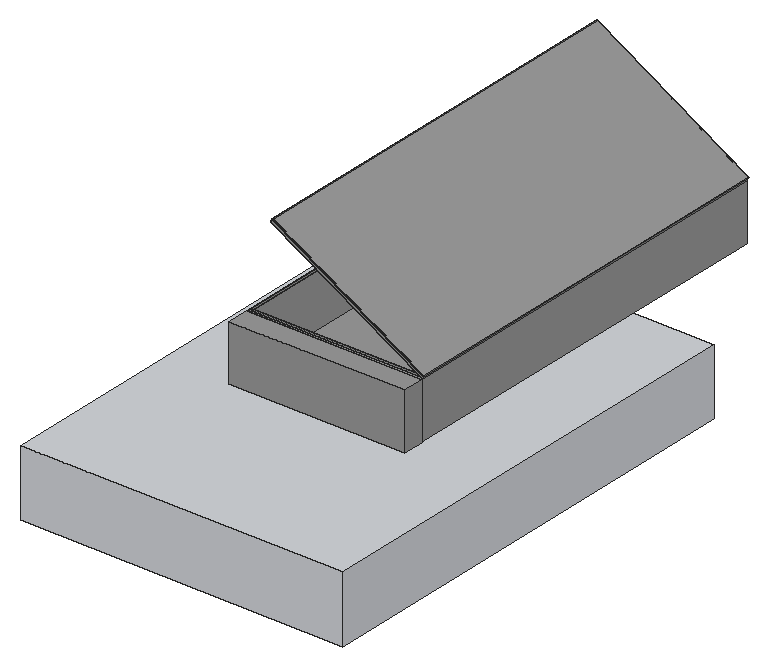
Revit family "Hager-Univers-IP55-D275-H1950-Cl.II-Steel_encl-SE-en", category Equipement électrique, Revit 2020
Family settings
  Hôte = Face
  Configuration du panneau = Deux colonnes, circuits au sein
  Cote de connecteur circulaire = Utiliser le diamètre
  Type d'élément = Tableau de raccordement
  Couper avec des vides une fois chargée = Non
  Partagée = Non
  Point de calcul de pièce = Non
Parameters (values of type "Floor installation IP55 W800 H1950 D275  - FR23S1")
  Width Control [instance] = if([EF000008 - Width] > Min Width, [EF000008 - Width], Min Width)  # 800 mm
  Commentaires du type = [HG000003 - Range]  # "Univers"
  Thickness Door [instance] = if([EF009171 - Material plate thickness door/cover] > 3 mm, 3 mm, [EF009171 - Material plate thickness door/cover])  # 1.5 mm
  Seal Frame Offset [instance] = 17 mm  # constant formula
  Plinth Visibility [instance] = [HG000027 - Plinth height] > 0 mm  # yes
  Model = ""
  Min Width [instance] = 100 mm  # constant formula
  Min Height [instance] = 100 mm  # constant formula
  Min Depth [instance] = (2 * [EF009170 - Material plate thickness cabinet]) + 1 mm  # 4 mm
  Internal Frame Depth [instance] = (Door System Depth * 0.5)  # 9 mm
  Height Control [instance] = if([EF000040 - Height] > Min Height, [EF000040 - Height], Min Height)  # 1950 mm
  HG000027 - Plinth height = 100 mm
  HG000026 - Floor standing = yes
  HG000024 - Bottom section height = 800 mm
  HG000023 - Double section enclosure = no
  HG000016 - Door 3d visibility [instance] = yes
  HG000015 - Clearance visibility [instance] = no
  HG000014 - Door on the right [instance] = yes
  HG000013 - Door on the left [instance] = not([HG000014 - Door on the right])  # no
  HG000012 - Door swing angle [instance] = 30.00°
  HG000010 - Asymmetric doors = no
  HG000009 - Double swing door = no
  HG000006 - Flush mounted = no
  HG000004 - Manufacturer reference = "FR23S1"
  HG000003 - Range = "Univers"
  HG000002 - With door or cover = yes
  Frame Offset Bottom [instance] = 10 mm  # constant formula
  Frame Offset [instance] = 15 mm  # constant formula
  EF015940 - Cover with overpressure release = no
  EF011959 - Degree of protection (NEMA) = ""
  EF009554 - Number of openings for flange plates = 6
  EF009212 - Cover model = "EV000116 - Closed"
  EF009171 - Material plate thickness door/cover = 1.5 mm
  EF009170 - Material plate thickness cabinet = 1.5 mm
  Fabricant = "Hager"  # constant formula
  EF008873 - Nominal current (In) = 800 A
  EF007800 - Suitable for lightning protection = no
  EF006306 - With lock = no
  EF006244 - Transparent cover/door = no
  EF005474 - Degree of protection (IP) = "EV006420 - IP55"
  EF004464 - Type of door = "EV002646 - Single"
  EF004427 - Number of modules = 432
  EF004293 - Impact strength = "EV008784 - IK10"
  EF003532 - Suitable for outdoor use = no
  EF002950 - Width in number of modular spacings = 24
  EF001613 - Circuit integrity = "EV000494 - None"
  EF001596 - Material housing = "EV000179 - Steel"
  EF001131 - Internal depth = 275 mm
  EF001088 - Extension possible = yes
  EF000437 - Number of conduit inlets = 6
  EF000339 - Type of cover = "EV004216 - Door"
  EF000266 - Number of rows = 12
  EF000218 - Built-in depth = 0 mm
  EF000118 - With mounting plate = no
  EF000116 - RAL-number = "7035"
  EF000049 - Depth = 275 mm
  EF000040 - Height = 1950 mm
  EF000008 - Width = 800 mm
  EF000007 - Colour = "EV000270 - Grey"
  EF000003 - Mounting method = "EV012274 - Floor installation"
  Door System Leaf Tolerance [instance] = 1.5 mm  # constant formula
  Door System Depth [instance] = 18 mm  # constant formula
  Door Height [instance] = Height Control - [HG000027 - Plinth height]  # 1850 mm
  Depth Control [instance] = if([EF000049 - Depth] > Min Depth, [EF000049 - Depth], Min Depth)  # 275 mm
  Default Elevation = 0 mm
  Connector Offset [instance] = Height Control / 2  # 975 mm
  Bottom Top Plate Trim [instance] = 1.5 mm  # constant formula
  Plinth height Ctrl [instance] = if([HG000027 - Plinth height] > 0 mm, [HG000027 - Plinth height], 12 mm)  # 100 mm
Types (11, lengths in mm): name | Width Control | HG000010 - Asymmetric doors | HG000009 - Double swing door | HG000004 - Manufacturer reference | EF009554 - Number of openings for flange plates | EF006244 - Transparent cover/door | EF004464 - Type of door | EF004427 - Number of modules | EF000437 - Number of conduit inlets | EF000008 - Width
  Floor installation IP55 W1050 H1950 D275  - FR24L1 | 1050 | yes | yes | "FR24L1" | 8 | yes | "EV003602 - Double" | 576 | 8 | 1050
  Floor installation IP55 W1050 H1950 D275  - FR24S1 | 1050 | yes | yes | "FR24S1" | 8 | no | "EV003602 - Double" | 576 | 8 | 1050
  Floor installation IP55 W1300 H1950 D275  - FR25L1 | 1300 | yes | yes | "FR25L1" | 10 | yes | "EV003602 - Double" | 720 | 10 | 1300
  Floor installation IP55 W1300 H1950 D275  - FR25S1 | 1300 | yes | yes | "FR25S1" | 10 | no | "EV003602 - Double" | 720 | 10 | 1300
  Floor installation IP55 W1550 H1950 D275  - FR26L1 | 1550 | yes | yes | "FR26L1" | 12 | yes | "EV003602 - Double" | 864 | 12 | 1550
  Floor installation IP55 W1550 H1950 D275  - FR26S1 | 1550 | yes | yes | "FR26S1" | 12 | no | "EV003602 - Double" | 864 | 12 | 1550
  Floor installation IP55 W300 H1950 D275  - FR21S1 | 300 | no | no | "FR21S1" | 2 | no | "EV002646 - Single" | 144 | 2 | 300
  Floor installation IP55 W550 H1950 D275  - FR22L1 | 550 | no | no | "FR22L1" | 4 | yes | "EV002646 - Single" | 288 | 4 | 550
  Floor installation IP55 W550 H1950 D275  - FR22S1 | 550 | no | no | "FR22S1" | 4 | no | "EV002646 - Single" | 288 | 4 | 550
  Floor installation IP55 W800 H1950 D275  - FR23L1 | 800 | no | no | "FR23L1" | 6 | yes | "EV002646 - Single" | 432 | 6 | 800
  Floor installation IP55 W800 H1950 D275  - FR23S1 | 800 | no | no | "FR23S1" | 6 | no | "EV002646 - Single" | 432 | 6 | 800
Reference planes
  plane 1 "Center (Front/Back)": y = 0
  plane 2: z = 0
  plane 3 "Center (Left/Right)": x = 0
  plane 4: z = 275
  plane 5: y = 101.5
  plane 6: y = 1025
  plane 7: y = 100
  plane 8: y = 1950
  plane 9: z = 0
  plane 10: x = -385
  plane 11: x = 385
  plane 12: x = 383.5
  plane 13: x = -383.5
  plane 14: y = 1948.5
  plane 15: x = -383
  plane 16: x = -400
  plane 17: x = 383
  plane 18: x = 400
  plane 19: x = 398.5
  plane 20: x = -398.5
  plane 21: y = 111.5
  plane 22: y = 1950
  plane 23: y = 1933.5
  plane 24: z = 257
  plane 25: z = 1.5
  plane 26: z = 255.5
  plane 27: z = 273.5
Forms (mm)
  Extrusion 1, solid
    sketch origin (0, 0, 0) x (1, 0, 0) y (0, 1, 0)
      loop
        line (-702.964, 1305) -> (-702.964, -811.445) -> (766.763, -811.445) -> (766.763, 1305) -> (-702.964, 1305)
    from 0 to -304.8
  Extrusion 2, solid, material "Hager_Steel_RAL7035_Light_Grey", visible <- "Plinth Visibility", detail levels medium+fine
    sketch origin (0, 0, 0) x (1, 0, 0) y (0, 1, 0)
      loop
        line (-400, 0) -> (400, 0) -> (400, 100) -> (-400, 100) -> (-400, 0)
    from 0 to 257
  Extrusion 3, solid, material "Hager_Steel_RAL7035_Light_Grey", detail levels medium+fine
    sketch origin (0, 0, 0) x (1, 0, 0) y (0, 1, 0)
      loop
        line (-400, 100) -> (400, 100) -> (400, 1950) -> (-400, 1950) -> (-400, 100)
    from 0 to 257
  Extrusion 4, void
    sketch origin (0, 0, 0) x (1, 0, 0) y (0, 1, 0)
      loop
        line (-398.5, 101.5) -> (398.5, 101.5) -> (398.5, 1948.5) -> (-398.5, 1948.5) -> (-398.5, 101.5)
    from 1.5 to 255.5
  Extrusion 5, void
    sketch origin (-381.607, -4572, 257) x (0, -1, 0) y (-1, 0, 0)
      loop
        line (-4683.5, 1.893) -> (-6505.5, 1.893) -> (-6505.5, -765.107) -> (-4683.5, -765.107) -> (-4683.5, 1.893)
    from 0 to 1.5 <- "EF009170 - Material plate thickness cabinet"
  Extrusion 6, solid, material "Hager_Steel_RAL7035_Light_Grey", detail levels fine
    sketch origin (0, 0, 257) x (1, 0, 0) y (0, 1, 0)
      loop
        line (-383.5, 1933.5) -> (-383.5, 111.5) -> (383.5, 111.5) -> (383.5, 1933.5) -> (-383.5, 1933.5)
      loop
        line (-385, 110) -> (385, 110) -> (385, 1935) -> (-385, 1935) -> (-385, 110)
    from 0 to 9 <- "Internal Frame Depth"
  Extrusion 7, solid, material "Hager_Steel_RAL7035_Light_Grey", detail levels coarse
    sketch origin (0, 0, 0) x (1, 0, 0) y (0, 1, 0)
      loop
        line (-400, 0) -> (400, 0) -> (400, 1950) -> (-400, 1950) -> (-400, 0)
    from 0 to 275
  Sweep 8, void
    path in 3D
      loop
        line (-400, 100, 0) -> (400, 100, 0) -> (400, 100, 257) -> (-400, 100, 257) -> (-400, 100, 0)
    profile origin (-400, 100, 128.5) x (-1, 0, 0) y (0, -1, 0)
      loop
        line (0, 0) -> (0, 1.5) -> (-1.5, 1.5)
        arc (-1.5, 1.5) -> (-1.061, 0.439) -> (0, 0) r 1.5
Cuts and joins
  Extrusion 4, Extrusion 5 cuts Extrusion 3
  Sweep 8 cuts Extrusion 2
Lines and regions (mm)
  Masking region 1
    outline origin (0, 0, 0) x (1, 0, 0) y (0, 0, 1)
      loop
        line (-400, 275) -> (-400, 0) -> (400, 0) -> (400, 275) -> (-400, 275)
  Masking region 2, detail levels medium+fine
    outline origin (0, 140, 0) x (0, 1, 0) y (0, 0, 1)
      loop
        line (-40, 0) -> (1810, 0) -> (1810, 257) -> (-40, 257) -> (-40, 0)
  Masking region 3, not visible, detail levels medium+fine
    outline origin (0, 297.922, 0) x (0, 1, 0) y (0, 0, 1)
      loop
        line (738.578, 0) -> (778.578, 0) -> (778.578, 263.5)
        arc (778.578, 263.5) -> (775.649, 270.571) -> (768.578, 273.5) r 10
        line (768.578, 273.5) -> (738.578, 273.5) -> (738.578, 0)
  Masking region 4, detail levels coarse
    outline origin (0, 0, 180) x (0, 1, 0) y (0, 0, 1)
      loop
        line (0, -180) -> (1950, -180) -> (1950, 95) -> (0, 95) -> (0, -180)
  Masking region 5, visible <- "Plinth Visibility", detail levels medium+fine
    outline origin (0, 52.24, 12.345) x (0, 0, -1) y (0, 1, 0)
      loop
        line (10.845, 47.76) -> (-243.155, 47.76)
        arc (-243.155, 47.76) -> (-243.594, 46.699) -> (-244.655, 46.26) r 1.5
        line (-244.655, 46.26) -> (-244.655, -52.24) -> (12.345, -52.24) -> (12.345, 46.26)
        arc (12.345, 46.26) -> (11.285, 46.699) -> (10.845, 47.76) r 1.5
  Masking region 6, detail levels medium+fine
    outline origin (-381.607, -4572, 257) x (-1, 0, 0) y (0, -1, 0)
      loop
        line (18.393, -6522) -> (18.393, -4672) -> (-781.607, -4672) -> (-781.607, -6522) -> (18.393, -6522)
  Masking region 7, visible <- "Plinth Visibility", detail levels medium+fine
    outline origin (-381.607, -4727, 257) x (-1, 0, 0) y (0, -1, 0)
      loop
        arc (16.893, -4827) -> (17.332, -4825.939) -> (18.393, -4825.5) r 1.5
        line (18.393, -4825.5) -> (18.393, -4727) -> (-781.607, -4727) -> (-781.607, -4825.5)
        arc (-781.607, -4825.5) -> (-780.546, -4825.939) -> (-780.107, -4827) r 1.5
        line (-780.107, -4827) -> (16.893, -4827)
  Masking region 8, detail levels coarse
    outline origin (-442.548, -4669.526, 257) x (-1, 0, 0) y (0, -1, 0)
      loop
        line (-42.548, -6619.526) -> (-42.548, -4669.526) -> (-842.548, -4669.526) -> (-842.548, -6619.526) -> (-42.548, -6619.526)
  sketch lines
    curve 1: line (-400, 100, 257) -> (-400, 100, 0)
    curve 2: line (400, 100, 257) -> (-400, 100, 257)
    curve 3: line (400, 100, 257) -> (400, 100, 0)
    curve 4: line (-400, 100, 0) -> (400, 100, 0)
Dimensions and locks
  "Depth Control": plane 4 to Extrusion 1
  "HG000027 - Plinth height": plane 1 "Center (Front/Back)" to plane 7
  "EF009170 - Material plate thickness cabinet": plane 5 to plane 7
  locked: connector elem to plane 3 "Center (Left/Right)"
  equal spacing: plane 8, plane 6, plane 7
  locked: connector elem to plane 6
  "EF009170 - Material plate thickness cabinet": plane 8 to plane 14
  "EF009170 - Material plate thickness cabinet": plane 10 to plane 13
  "EF009170 - Material plate thickness cabinet": plane 12 to plane 11
  "Frame Offset": plane 20 to plane 13
  "Frame Offset": plane 12 to plane 19
  "EF009170 - Material plate thickness cabinet": plane 16 to plane 20
  "EF009170 - Material plate thickness cabinet": plane 19 to plane 18
  "Seal Frame Offset": plane 16 to plane 15
  "Seal Frame Offset": plane 17 to plane 18
  "Frame Offset Bottom": plane 21 to plane 5
  "Frame Offset": plane 14 to plane 23
  equal spacing: plane 16, plane 3 "Center (Left/Right)", plane 18
  "Width Control": plane 16 to plane 18
  "EF009170 - Material plate thickness cabinet": plane 4 to plane 27
  "EF009170 - Material plate thickness cabinet": plane 24 to plane 26
  "EF009170 - Material plate thickness cabinet": plane 25 to level
  "Door System Depth": plane 4 to plane 24
  "Height Control": plane 1 "Center (Front/Back)" to Extrusion 7 sketch curve
  "Height Control": Masking region 4 sketch curve to plane 1 "Center (Front/Back)"
  "Height Control": plane 1 "Center (Front/Back)" to plane 22
  "Bottom Top Plate Trim": profile plane to Sweep 8 sketch curve
  "Bottom Top Plate Trim": Sweep 8 sketch curve to profile plane
  "Plinth height Ctrl": plane 1 "Center (Front/Back)" to Extrusion 2 sketch curve
  "Plinth height Ctrl": Masking region 5 sketch curve to plane 1 "Center (Front/Back)"
  "Plinth height Ctrl": plane 1 "Center (Front/Back)" to Masking region 7 sketch curve
  "Thickness Door": Extrusion 6 sketch curve to Extrusion 6 sketch curve  (x3)
  "Thickness Door": cut or joined group of Extrusion 3, Extrusion 4, Extrusion 5 to Extrusion 6 sketch curve
  radius of Masking region 3 sketch curve = 10 mm
  "Bottom Top Plate Trim": radius of Masking region 5 sketch curve  (x2)
  "Bottom Top Plate Trim": radius of Sweep 8 sketch curve
  "Bottom Top Plate Trim": radius of Masking region 7 sketch curve  (x2)
  aligned and locked: plane 2 to Extrusion 1
  aligned and locked: level to Extrusion 1
  aligned and locked: level to Masking region 1 sketch curve
  aligned and locked: Masking region 1 sketch curve to plane 18
  aligned and locked: Masking region 1 sketch curve to plane 16
  aligned and locked: plane 7 to Masking region 2 sketch curve
  aligned and locked: level to Masking region 3 sketch curve
  aligned and locked: Masking region 3 sketch curve to plane 27
  aligned and locked: level to Masking region 2 sketch curve
  aligned and locked: plane 1 "Center (Front/Back)" to Extrusion 2 sketch curve
  aligned and locked: Extrusion 3 sketch curve to plane 7
  aligned and locked: plane 16 to Extrusion 3 sketch curve
  aligned and locked: plane 18 to Extrusion 3 sketch curve
  aligned and locked: plane 20 to Extrusion 4 sketch curve
  aligned and locked: plane 19 to Extrusion 4 sketch curve
  aligned and locked: Extrusion 4 sketch curve to plane 5
  aligned and locked: Extrusion 4 to plane 25
  aligned and locked: plane 26 to Extrusion 4
  aligned and locked: plane 24 to Extrusion 3
  aligned and locked: Extrusion 5 sketch curve to plane 21
  aligned and locked: Extrusion 5 sketch curve to plane 13
  aligned and locked: Extrusion 5 sketch curve to plane 12
  aligned and locked: plane 18 to Extrusion 7 sketch curve
  aligned and locked: plane 1 "Center (Front/Back)" to Extrusion 7 sketch curve
  aligned and locked: plane 16 to Extrusion 7 sketch curve
  aligned and locked: plane 4 to Extrusion 7
  aligned and locked: Extrusion 7 to level
  aligned and locked: level to Masking region 4 sketch curve
  aligned and locked: Masking region 4 sketch curve to plane 1 "Center (Front/Back)"
  aligned and locked: Masking region 4 sketch curve to plane 4
  aligned and locked: nested 1 to level
  aligned and locked: nested 1 to plane 16
  aligned and locked: plane 8 to Extrusion 3 sketch curve
  aligned and locked: plane 23 to Extrusion 5 sketch curve
  aligned and locked: plane 14 to Extrusion 4 sketch curve
  aligned and locked: Masking region 2 sketch curve to plane 8
  aligned and locked: level to Masking region 5 sketch curve
  aligned and locked: plane 16 to Extrusion 2 sketch curve
  aligned and locked: plane 18 to Extrusion 2 sketch curve
  aligned and locked: Masking region 5 sketch curve to plane 24
  aligned and locked: Masking region 2 sketch curve to plane 24
  aligned and locked: plane 24 to Extrusion 2
  aligned and locked: profile plane to Sweep 8 sketch curve  (x2)
  aligned and locked: Masking region 6 sketch curve to plane 18
  aligned and locked: Masking region 6 sketch curve to plane 22
  aligned and locked: Masking region 6 sketch curve to plane 16
  aligned and locked: plane 8 to plane 22
  aligned and locked: Masking region 6 sketch curve to plane 7
  aligned and locked: Masking region 7 sketch curve to plane 16
  aligned and locked: Masking region 7 sketch curve to plane 1 "Center (Front/Back)"
  aligned and locked: Masking region 7 sketch curve to plane 18
  aligned and locked: Masking region 8 sketch curve to plane 1 "Center (Front/Back)"
  aligned and locked: Masking region 8 sketch curve to plane 18
  aligned and locked: Masking region 8 sketch curve to plane 22
  aligned and locked: Masking region 8 sketch curve to plane 16
  aligned and locked: nested 2 to plane 7
  aligned and locked: plane 3 "Center (Left/Right)" to nested 2
  aligned and locked: nested 2 to plane 24
  aligned and locked: Extrusion 6 sketch curve to cut or joined group of Extrusion 3, Extrusion 4, Extrusion 5  (x4)
Automatic sketch dimensions
  Extrusion 1 sketch curve to Extrusion 1 sketch curve = 1469.727 mm
  Extrusion 1 sketch curve to Extrusion 1 sketch curve = 2116.445 mm
  Masking region 1 sketch curve to plane 4 = 0 mm
  plane 6 to Masking region 3 sketch curve = 11.5 mm
  Masking region 3 sketch curve to Masking region 3 sketch curve = 30 mm
  Masking region 5 sketch curve to plane 1 "Center (Front/Back)" = 0 mm
Nested families
  nested 1: "Hager_Enclosure_Symbol" at (-400, 0, 0) x (1, 0, 0) z (0, -1, 0), Height <- "Depth Control", Width <- "Width Control", type "Hager_Enclosure_Symbol"
    with Width_Ctrl 800 mm, Width 800 mm, Height_Ctrl 275 mm, Height 275 mm, A_Width_Int 18.047 mm, A_Width 216.562 mm, A_Height_Ctrl 240.625 mm, A_Height 240.625 mm
  nested 2: "EC000058_Univers_Door" at (0, 100, 257) x (1, 0, 0) z (0, 1, 0), Leaf_Tolerance <- "Door System Leaf Tolerance", Angle <- "HG000012 - Door swing angle", Door_Depth <- "Door System Depth", Door_Left <- "HG000013 - Door on the left", Transparent <- "EF006244 - Transparent cover/door", Assymetrical <- "HG000010 - Asymmetric doors", Width <- "Width Control", Clearance <- "HG000015 - Clearance visibility", Double <- "HG000009 - Double swing door", 3d_Door <- "HG000016 - Door 3d visibility", Lock_Visibility <- "EF006306 - With lock", Width_Ctrl <- "Width Control", Door_Right <- "HG000014 - Door on the right", Door <- "HG000002 - With door or cover", Height <- "Door Height", Thickness <- "Thickness Door", type "EC000058_Univers_Door", detail levels medium+fine
    with min_wh 4 mm, Width_Ctrl 800 mm, Width 800 mm, Transparent no, Thickness 1.5 mm, Seal_Material Hager_Rubber, Lock_Visibility no, Lock_Material Hager_Plastic_RAL9005_Jet_Black, Leaf_Width 800 mm, Leaf_Tolerance_External_Sides 0 mm, Leaf_Tolerance 1.5 mm, Leaf_Offset 0 mm, Leaf_Height 1847 mm, Leaf_2_Width 800 mm, Leaf_2_Offset 400 mm, Leaf_1_Width 800 mm, Leaf_1_Offset 400 mm, Height_Ctrl 1850 mm, Height 1850 mm, Glass_Material Hager_Glass, Double_Clearance_Ctrl no, Double no, Door_Right_Ctrl yes, Door_Right yes, Door_Material Hager_Steel_RAL7035_Light_Grey, Door_Left_Ctrl no, Door_Left no, Door_Depth 18 mm, Door yes, Clearance_Material Hager_Clearance, Clearance_Depth 800 mm, Clearance_Ctrl no, Clearance no, Assymetrical no, Angle 30.00°, 3d_Door yes
Connectors
  electrical at (0, 1025, 0)
    settings: on plane 9, index 1, voltage 0 V, apparent load 0 VA, apparent load phase1 0 VA, apparent load phase2 0 VA, apparent load phase3 0 VA, power factor 1, load classification "Other", number of poles 1, system type 30, power factor state 1, is connector primary yes, connector utility no, sub classification motor no, connector description ""
Definition of nested family "EC000058_Univers_Door"
  Parameters (values of type "EC000058_Univers_Door")
    min_wh [instance] = (2 * Thickness) + 1 mm  # 11 mm
    Width_Ctrl [instance] = 400 mm
    Width [instance] = 500 mm
    Transparent [instance] = yes
    Thickness [instance] = 5 mm
    Seal_Material [instance] = none
    Lock_Visibility [instance] = yes
    Lock_Material [instance] = none
    Leaf_Width [instance] = if((Width_Ctrl - 2 * Leaf_Tolerance_External_Sides) > 0 mm, (Width_Ctrl - 2 * Leaf_Tolerance_External_Sides), min_wh)  # 400 mm
    Leaf_Tolerance_External_Sides [instance] = 0 mm  # constant formula
    Leaf_Tolerance [instance] = 1.5 mm
    Leaf_Offset [instance] = 0 mm  # constant formula
    Leaf_Height [instance] = if((Height_Ctrl - 2 * Leaf_Tolerance) > 0 mm, (Height_Ctrl - 2 * Leaf_Tolerance), min_wh)  # 497 mm
    Leaf_2_Width [instance] = if(and(and(Double, Assymetrical), Door_Left), (Leaf_Width / 3) - (Leaf_Tolerance / 2), if(and(and(Double, Assymetrical), Door_Right), (Leaf_Width / 3) * 2 - (Leaf_Tolerance / 2), if(and(Double, not(Assymetrical)), (Leaf_Width / 2) - Leaf_Tolerance, Leaf_Width)))  # 400 mm
    Leaf_2_Offset [instance] = if(and(Double, Assymetrical), Leaf_2_Width / 2, if(and(Double, not(Assymetrical)), Leaf_Width / 4, Leaf_Width / 2))  # 200 mm
    Leaf_1_Width [instance] = if(and(and(Double, Assymetrical), Door_Right), (Leaf_Width / 3) - (Leaf_Tolerance / 2), if(and(and(Double, Assymetrical), Door_Left), (Width / 3) * 2 - (Leaf_Tolerance / 2), if(and(Double, not(Assymetrical)), (Leaf_Width / 2) - Leaf_Tolerance, Leaf_Width)))  # 400 mm
    Leaf_1_Offset [instance] = if(and(Double, Assymetrical), Leaf_1_Width / 2, if(and(Double, not(Assymetrical)), Leaf_Width / 4, Leaf_Width / 2))  # 200 mm
    Height_Ctrl [instance] = if(Height > min_wh, Height, min_wh)  # 500 mm
    Height [instance] = 500 mm
    Glass_Material [instance] = none
    Double_Clearance_Ctrl [instance] = and(Double, Clearance)  # no
    Double [instance] = no
    Door_Right_Ctrl [instance] = and(or(Door_Right, Double), Door)  # yes
    Door_Right [instance] = yes
    Door_Material [instance] = none
    Door_Left_Ctrl [instance] = and(or(Door_Left, Double), Door)  # no
    Door_Left [instance] = no
    Door_Depth [instance] = 30 mm
    Door [instance] = yes
    Default Elevation = 1219.2 mm
    Clearance_Material [instance] = none
    Clearance_Depth [instance] = if(Leaf_1_Width > Leaf_2_Width, Leaf_1_Width, Leaf_2_Width)  # 400 mm
    Clearance_Ctrl [instance] = and(not(Double), Clearance)  # yes
    Clearance [instance] = yes
    Assymetrical [instance] = yes
    Angle [instance] = 30.00°
    3d_Door [instance] = yes
  Reference planes
    plane 1 "Center (Front/Back)": y = 0
    plane 2 "Bottom": z = 0
    plane 3 "Center (Left/Right)": x = 0
    plane 4: z = 500
    plane 5: x = -200
    plane 6: x = 200
    plane 7: z = 500
    plane 8: x = -200
    plane 9: z = 0
    plane 10: x = 200
    plane 11: y = 0
    plane 12: z = 1.5
    plane 13: x = -600
    plane 14: y = -400
    plane 15: x = 600
    plane 16: x = 0
    plane 17: x = 0
    plane 18: x = -200
    plane 19: x = 200
    plane 20: z = 498.5
  Forms (mm)
    Extrusion 1, solid, material <- "Clearance_Material", visible <- "Double_Clearance_Ctrl"
      sketch origin (1200, 0, 0) x (1, 0, 0) y (0, 0, -1)
        loop
          line (-1800, -498.5) -> (-600, -498.5) -> (-600, 0) -> (-1800, 0) -> (-1800, -498.5)
      from 0 to -400
  Dimensions and locks
    equal spacing: plane 5, plane 3 "Center (Left/Right)", plane 6
    "Width_Ctrl": plane 5 to plane 6
    "Leaf_Offset": plane 5 to plane 8
    "Leaf_Offset": plane 6 to plane 10
    "Leaf_Offset": plane 9 to level
    "Leaf_Offset": plane 4 to plane 7
    "Height_Ctrl": plane 4 to level
    "Leaf_Tolerance": plane 12 to plane 9
    locked: plane 11 to plane 1 "Center (Front/Back)"
    "Leaf_1_Offset": plane 18 to plane 16
    "Leaf_2_Offset": plane 17 to plane 19
    "Leaf_1_Width": plane 13 to plane 8
    "Leaf_2_Width": plane 10 to plane 15
    "Clearance_Depth": plane 14 to plane 1 "Center (Front/Back)"
    "Leaf_Tolerance_External_Sides": plane 8 to plane 18
    "Leaf_Tolerance_External_Sides": plane 19 to plane 10
    "Leaf_Tolerance": plane 7 to plane 20
    aligned and locked: level to plane 2 "Bottom"
    aligned and locked: nested 1 to plane 16
    aligned and locked: nested 2 to plane 17
    aligned and locked: Extrusion 1 to plane 13
    aligned and locked: plane 15 to Extrusion 1
    aligned and locked: Extrusion 1 to plane 14
    aligned and locked: plane 12 to nested 1
    aligned and locked: nested 2 to plane 12
    aligned and locked: Extrusion 1 to plane 11
    aligned and locked: plane 20 to Extrusion 1
    aligned and locked: nested 2 to plane 11
    aligned and locked: nested 1 to plane 11
  Automatic sketch dimensions
    Extrusion 1 sketch curve to level = 0 mm
    plane 5 to Extrusion 1 sketch curve = 400 mm
    plane 6 to Extrusion 1 sketch curve = 400 mm
    Extrusion 1 sketch curve to plane 4 = 1.5 mm
  Nested families
    nested 1: "EC000058_Univers_Door_Leaf" at (0, 0, 1.5), Width <- "Leaf_1_Width", visible <- "Door_Left_Ctrl", Leaf_Height <- "Leaf_Height", Angle <- "Angle", 3d_Door <- "3d_Door", Transparent <- "Transparent", Clearance Material <- "Clearance_Material", Clearance <- "Clearance_Ctrl", Door_Material <- "Door_Material", Glass_Material <- "Glass_Material", Door_Depth <- "Door_Depth", Lock_Material <- "Lock_Material", Seal_Material <- "Seal_Material", Lock_Visibility <- "Lock_Visibility", Thickness <- "Thickness", type "EC000058_Univers_Door_Leaf"
      with Width 400 mm, Transparent_Glass_Offset 30 mm, Transparent_Ctrl yes, Transparent yes, Thickness 5 mm, Standard no, Seal_Material none, Seal_D2 8 mm, Seal_D1 1 mm, Offset_Internal_Frame 10 mm, Lock_Width 20 mm, Lock_Visibility_3d yes, Lock_Visibility yes, Lock_Thickness_3 3 mm, Lock_Thickness_2 1 mm, Lock_Thickness_1 3 mm, Lock_Radius_Offset_2 16 mm, Lock_Radius_Offset_1 15 mm, Lock_Radius_2 5 mm, Lock_Radius 6 mm, Lock_Offset 5 mm, Lock_Material none, Lock_Height 80 mm, Lock_Cover_Top_Offset_2d 17 mm, Lock_Cover_Height -65 mm, Leaf_Height 497 mm, Internal_Seal_Thickness 8 mm, Internal_Seal_Depth_2 4.5 mm, Internal_Frame_Depth 25 mm, Glass_Thickness -1 mm, Glass_Offset -2 mm, Glass_Material none, Door_Material none, Door_Depth 30 mm, Clearance Material none, Clearance yes, Angle_Ctrl 30.00°, Angle 30.00°, 3d_Door yes
    nested 2: "EC000058_Univers_Door_Leaf" at (0, 0, 1.5) x (-1, 0, 0) z (0, 0, 1), Width <- "Leaf_2_Width", visible <- "Door_Right_Ctrl", Leaf_Height <- "Leaf_Height", Angle <- "Angle", 3d_Door <- "3d_Door", Transparent <- "Transparent", Clearance Material <- "Clearance_Material", Clearance <- "Clearance_Ctrl", Door_Material <- "Door_Material", Glass_Material <- "Glass_Material", Door_Depth <- "Door_Depth", Lock_Material <- "Lock_Material", Seal_Material <- "Seal_Material", Lock_Visibility <- "Lock_Visibility", Thickness <- "Thickness", type "EC000058_Univers_Door_Leaf"
      with Width 400 mm, Transparent_Glass_Offset 30 mm, Transparent_Ctrl yes, Transparent yes, Thickness 5 mm, Standard no, Seal_Material none, Seal_D2 8 mm, Seal_D1 1 mm, Offset_Internal_Frame 10 mm, Lock_Width 20 mm, Lock_Visibility_3d yes, Lock_Visibility yes, Lock_Thickness_3 3 mm, Lock_Thickness_2 1 mm, Lock_Thickness_1 3 mm, Lock_Radius_Offset_2 16 mm, Lock_Radius_Offset_1 15 mm, Lock_Radius_2 5 mm, Lock_Radius 6 mm, Lock_Offset 5 mm, Lock_Material none, Lock_Height 80 mm, Lock_Cover_Top_Offset_2d 17 mm, Lock_Cover_Height -65 mm, Leaf_Height 497 mm, Internal_Seal_Thickness 8 mm, Internal_Seal_Depth_2 4.5 mm, Internal_Frame_Depth 25 mm, Glass_Thickness -1 mm, Glass_Offset -2 mm, Glass_Material none, Door_Material none, Door_Depth 30 mm, Clearance Material none, Clearance yes, Angle_Ctrl 30.00°, Angle 30.00°, 3d_Door yes
  Definition of nested family "EC000058_Univers_Door_Leaf"
    Parameters (values of type "EC000058_Univers_Door_Leaf")
      Width [instance] = 2000 mm
      Transparent_Glass_Offset [instance] = 30 mm
      Transparent_Ctrl [instance] = and(Transparent, [3d_Door])  # yes
      Transparent [instance] = yes
      Thickness [instance] = 5 mm
      Standard [instance] = and(not(Transparent), [3d_Door])  # no
      Seal_Material [instance] = none
      Seal_D2 [instance] = 8 mm  # constant formula
      Seal_D1 [instance] = 1 mm  # constant formula
      Offset_Internal_Frame [instance] = 10 mm  # constant formula
      Lock_Width [instance] = 20 mm  # constant formula
      Lock_Visibility_3d [instance] = and(Lock_Visibility, [3d_Door])  # yes
      Lock_Visibility [instance] = yes
      Lock_Thickness_3 [instance] = 3 mm  # constant formula
      Lock_Thickness_2 [instance] = 1 mm  # constant formula
      Lock_Thickness_1 [instance] = 3 mm  # constant formula
      Lock_Radius_Offset_2 [instance] = Lock_Radius_Offset_1 + 1 mm  # 16 mm
      Lock_Radius_Offset_1 [instance] = 15 mm  # constant formula
      Lock_Radius_2 [instance] = Lock_Radius - 1 mm  # 5 mm
      Lock_Radius [instance] = 6 mm  # constant formula
      Lock_Offset [instance] = 5 mm  # constant formula
      Lock_Material [instance] = none
      Lock_Height [instance] = 80 mm  # constant formula
      Lock_Cover_Top_Offset_2d [instance] = Lock_Radius_Offset_2 + 1 mm  # 17 mm
      Lock_Cover_Height [instance] = -(Lock_Height - Lock_Radius_Offset_1)  # -65 mm
      Leaf_Height [instance] = 2720.336 mm
      Internal_Seal_Thickness [instance] = 8 mm  # constant formula
      Internal_Seal_Depth_2 [instance] = 4.5 mm  # constant formula
      Internal_Frame_Depth [instance] = if(Door_Depth - Thickness > 5 mm, Door_Depth - Thickness, 5 mm)  # 25 mm
      Glass_Thickness [instance] = if(Thickness > 15 mm, Glass_Offset + 10 mm, -1 mm)  # -1 mm
      Glass_Offset [instance] = if(Thickness > 15 mm, -(Thickness + 10 mm) / 2, -2 mm)  # -2 mm
      Glass_Material [instance] = none
      Door_Material [instance] = none
      Door_Depth [instance] = 30 mm
      Default Elevation = 0 mm
      Clearance Material [instance] = none
      Clearance [instance] = yes
      Angle_Ctrl [instance] = if(Angle > 180.00°, 180.00°, Angle)  # 90.00°
      Angle [instance] = 90.00°
      3d_Door [instance] = yes
    Reference planes
      plane 1 "Center (Front/Back)": y = 0
      plane 2: z = 0
      plane 3 "Center (Left/Right)": x = 0
      plane 4: y = 2000
      plane 5: x = -1000
      plane 6: x = 1000
      plane 7: x = -3000
      plane 8: z = 2720.336
      plane 9: z = 30
      plane 10: z = 2690.336
      plane 11: x = 970
      plane 12: x = -970
      plane 13: y = -3
      plane 14: z = 107.833
      plane 15: y = -5
      plane 16: y = -223.314
      plane 17: x = -1000
      plane 18: z = 1360.168
      plane 19: y = 30
    Forms (mm)
      Extrusion 1, solid, material <- "Clearance Material", visible <- "Clearance"
        sketch origin (0, 0, 0) x (1, 0, 0) y (0, 0, 1)
          loop
            line (-3000, 2720.336) -> (-3000, 0) -> (1000, 0) -> (1000, 2720.336) -> (-3000, 2720.336)
        from 0 to -2000
      Extrusion 2, solid, material <- "Door_Material", visible <- "Standard", detail levels medium+fine
        sketch origin (-1000, 0, 0) x (0, 1, 0) y (-1, 0, 0)
          loop
            line (0, 30) -> (0, 25) -> (2000, 25) -> (2000, 30) -> (0, 30)
        from 0 to 2720.336 <- "Leaf_Height"
      Extrusion 3, solid, material <- "Door_Material", visible <- "Transparent_Ctrl", detail levels medium+fine
        sketch origin (-1000, 0, 0) x (0, 1, 0) y (-1, 0, 0)
          loop
            line (0, 25) -> (2000, 25) -> (2000, 30) -> (0, 30) -> (0, 25)
        from 0 to 2720.336 <- "Leaf_Height"
      Extrusion 4, void
        sketch origin (-1025, 2000, 0) x (0, 1, 0) y (0, 0, -1)
          loop
            line (-30, -2690.336) -> (-30, -30) -> (-1970, -30) -> (-1970, -2690.336) -> (-30, -2690.336)
        from 0 to 5 <- "Thickness"
      Sweep 5, solid, material <- "Seal_Material", visible <- "Transparent_Ctrl", detail levels fine
        path in 3D
          loop
            line (-1025, 30, 30) -> (-1025, 30, 2690.336) -> (-1025, 1970, 2690.336) -> (-1025, 1970, 30) -> (-1025, 30, 30)
        profile origin (-1025, 1000, 30) x (1, 0, 0) y (0, 0, 1)
          loop
            line (0, 0) -> (0, -8) -> (1, -8) -> (1, 0) -> (0, 0)
      Extrusion 6, solid, material <- "Glass_Material", visible <- "Transparent_Ctrl", detail levels medium+fine
        sketch origin (-1030, 0, 0) x (0, 1, 0) y (0, 0, -1)
          loop
            line (1970, -2690.336) -> (1970, -30) -> (30, -30) -> (30, -2690.336) -> (1970, -2690.336)
        from -2 <- "Glass_Offset" to -1 <- "Glass_Thickness"
      Extrusion 7, solid, material <- "Door_Material", visible <- "3d_Door", detail levels medium+fine
        sketch origin (-1025, 2000, 0) x (0, -1, 0) y (0, 0, -1)
          loop
            line (0, -2720.336) -> (2000, -2720.336) -> (2000, 0) -> (0, 0) -> (0, -2720.336)
          loop
            line (1995, -5) -> (5, -5) -> (5, -2715.336) -> (1995, -2715.336) -> (1995, -5)
        from 0 to 25 <- "Internal_Frame_Depth"
      Sweep 8, solid, material <- "Seal_Material", visible <- "Transparent_Ctrl", detail levels fine
        path in 3D
          loop
            line (-1025, 0, 0) -> (-1025, 2000, 0) -> (-1025, 2000, 2720.336) -> (-1025, 0, 2720.336) -> (-1025, 0, 0)
        profile origin (-1025, 0, 1360.168) x (1, 0, 0) y (0, 1, 0)
          loop
            line (0, 10) -> (2.975, 10)
            arc (2.975, 10) -> (4.053, 10.447) -> (4.5, 11.525) r 1.525
            line (4.5, 11.525) -> (4.5, 16.527)
            arc (4.5, 16.527) -> (4.069, 17.569) -> (3.027, 18) r 1.473
            line (3.027, 18) -> (0, 18) -> (0, 10)
      Extrusion 9, solid, material <- "Lock_Material", visible <- "Lock_Visibility_3d", detail levels fine
        sketch origin (-1030, 0, 0) x (0, 1, 0) y (0, 0, -1)
          loop
            arc (1993.5, -1400.168) -> (1994.561, -1399.729) -> (1995, -1398.668) r 1.5
            line (1995, -1398.668) -> (1995, -1320.168) -> (1975, -1320.168) -> (1975, -1398.668)
            arc (1975, -1398.668) -> (1975.439, -1399.729) -> (1976.5, -1400.168) r 1.5
            line (1976.5, -1400.168) -> (1993.5, -1400.168)
        from 3 <- "Lock_Thickness_1" to 0
      Blend 10, solid, material <- "Lock_Material", visible <- "Lock_Visibility_3d", detail levels fine
        base sketch origin (-1033, 0, 0) x (0, 1, 0) y (0, 0, -1)
          loop
            line (1975, -1320.168) -> (1975, -1398.668)
            arc (1975, -1398.668) -> (1975.439, -1399.729) -> (1976.5, -1400.168) r 1.5
            line (1976.5, -1400.168) -> (1993.5, -1400.168)
            arc (1993.5, -1400.168) -> (1994.561, -1399.729) -> (1995, -1398.668) r 1.5
            line (1995, -1398.668) -> (1995, -1320.168) -> (1975, -1320.168)
        top sketch origin (-1033, 0, 0) x (0, 1, 0) y (0, 0, -1)
          loop
            line (1976, -1320.168) -> (1976, -1398.668)
            arc (1976, -1398.668) -> (1976.146, -1399.022) -> (1976.5, -1399.168) r 0.5
            line (1976.5, -1399.168) -> (1993.5, -1399.168)
            arc (1993.5, -1399.168) -> (1993.854, -1399.022) -> (1994, -1398.668) r 0.5
            line (1994, -1398.668) -> (1994, -1320.168) -> (1976, -1320.168)
        from 0 to 1 <- "Lock_Thickness_2"
      Blend 11, solid, material <- "Lock_Material", visible <- "Lock_Visibility_3d", detail levels fine
        base sketch origin (-1034, 0, 0) x (0, 1, 0) y (0, 0, -1)
          loop
            line (1978, -1320.168) -> (1978, -1384.168)
            arc (1978, -1384.168) -> (1985, -1391.168) -> (1992, -1384.168) r 7
            line (1992, -1384.168) -> (1992, -1320.168) -> (1978, -1320.168)
        top sketch origin (-1034, 0, 0) x (0, 1, 0) y (0, 0, -1)
          loop
            line (1991, -1320.168) -> (1979, -1320.168) -> (1979, -1383.168)
            arc (1979, -1383.168) -> (1985, -1389.168) -> (1991, -1383.168) r 6
            line (1991, -1383.168) -> (1991, -1320.168)
        from 0 to 3 <- "Lock_Thickness_3"
      Extrusion 12, solid, material <- "Lock_Material", visible <- "Lock_Visibility_3d", detail levels fine
        sketch origin (-1030, 1975, 1320.168) x (1, 0, 0) y (0, -1, 0)
          loop
            line (-7, -19) -> (-7, -1) -> (0, -1) -> (0, 0) -> (-8, 0) -> (-8, -20) -> (0, -20) -> (0, -19) -> (-7, -19)
        from 0 to -65 <- "Lock_Cover_Height"
      Extrusion 13, void
        sketch origin (-1038, 1995, 1320.168) x (-1, 0, 0) y (0, 0, -1)
          loop
            line (-5, -65) -> (0, -65) -> (-5, -60) -> (-5, -65)
        from 0 to 20 <- "Lock_Width"
      Extrusion 14, void
        sketch origin (-1038, 1975, 1320.168) x (0, -1, 0) y (0, 0, -1)
          loop
            circle (-10, -15.995) r 6
          loop
            circle (-10, -15.995) r 5
        from 0 to 2
      Extrusion 15, solid, material <- "Lock_Material", visible <- "Lock_Visibility_3d", detail levels medium
        sketch origin (-1030, 0, 0) x (0, 1, 0) y (0, 0, -1)
          loop
            arc (1993.5, -1400.168) -> (1994.561, -1399.729) -> (1995, -1398.668) r 1.5
            line (1995, -1398.668) -> (1995, -1320.168) -> (1975, -1320.168) -> (1975, -1398.668)
            arc (1975, -1398.668) -> (1975.439, -1399.729) -> (1976.5, -1400.168) r 1.5
            line (1976.5, -1400.168) -> (1993.5, -1400.168)
        from 8 to 0
    Cuts and joins
      Extrusion 4 cuts Extrusion 3
      Extrusion 13, Extrusion 14 cuts Extrusion 9
      Extrusion 14 cuts Blend 11
      Extrusion 13, Extrusion 14 cuts Extrusion 12
      joined: Extrusion 9, Blend 10, Blend 11, Extrusion 12
      Extrusion 14 cuts Extrusion 15
    Lines and regions (mm)
      Masking region 1, visible <- "Lock_Visibility", detail levels fine
        outline origin (0, 0, 0) x (0, 1, 0) y (0, 0, 1)
          loop
            line (30, 1320.168) -> (33, 1320.168) -> (33, 1400.168) -> (30, 1400.168) -> (30, 1320.168)
      Masking region 2, visible <- "Lock_Visibility", detail levels fine
        outline origin (0, 3.143, 0) x (0, 1, 0) y (0, 0, 1)
          loop
            line (29.857, 1354.168) -> (30.857, 1354.168) -> (30.857, 1366.168) -> (29.857, 1366.168) -> (29.857, 1354.168)
      Masking region 3, detail levels medium+fine
        outline origin (0, 0, 0) x (0, 1, 0) y (0, 0, 1)
          loop
            line (0, 0) -> (30, 0) -> (30, 2720.336) -> (0, 2720.336) -> (0, 0)
      Masking region 4, detail levels medium+fine
        outline origin (0, 0, 0) x (1, 0, 0) y (0, 0, 1)
          loop
            line (-1000, 2720.336) -> (-1000, 0) -> (1000, 0) -> (1000, 2720.336) -> (-1000, 2720.336)
      Masking region 5, visible <- "Lock_Visibility", detail levels fine
        outline origin (-47.116, 0, 0) x (1, 0, 0) y (0, 0, 1)
          loop
            arc (1024.616, 1399.168) -> (1023.556, 1398.729) -> (1023.116, 1397.668) r 1.5
            line (1023.116, 1397.668) -> (1023.116, 1320.168) -> (1041.116, 1320.168) -> (1041.116, 1397.668)
            arc (1041.116, 1397.668) -> (1040.677, 1398.729) -> (1039.616, 1399.168) r 1.5
            line (1039.616, 1399.168) -> (1024.616, 1399.168)
      Masking region 6, visible <- "Lock_Visibility", detail levels medium+fine
        outline origin (-25, 0, 0) x (1, 0, 0) y (0, 0, 1)
          loop
            arc (1001.5, 1400.168) -> (1000.439, 1399.729) -> (1000, 1398.668) r 1.5
            line (1000, 1398.668) -> (1000, 1320.168) -> (1020, 1320.168) -> (1020, 1398.668)
            arc (1020, 1398.668) -> (1019.561, 1399.729) -> (1018.5, 1400.168) r 1.5
            line (1018.5, 1400.168) -> (1001.5, 1400.168)
      Masking region 7, visible <- "Lock_Visibility", detail levels fine
        outline origin (-73.735, 0, 0) x (1, 0, 0) y (0, 0, 1)
          loop
            line (1051.735, 1382.168) -> (1065.735, 1382.168) -> (1065.735, 1384.168)
            arc (1065.735, 1384.168) -> (1058.735, 1391.168) -> (1051.735, 1384.168) r 7
            line (1051.735, 1384.168) -> (1051.735, 1382.168)
      Masking region 8, visible <- "Lock_Visibility", detail levels fine
        outline origin (-73.735, 0, 0) x (1, 0, 0) y (0, 0, 1)
          loop
            line (1052.735, 1382.168) -> (1064.735, 1382.168) -> (1064.735, 1383.168)
            arc (1064.735, 1383.168) -> (1058.735, 1389.168) -> (1052.735, 1383.168) r 6
            line (1052.735, 1383.168) -> (1052.735, 1382.168)
      Masking region 9, visible <- "Lock_Visibility", detail levels fine
        outline origin (-25, 0, 0) x (1, 0, 0) y (0, 0, 1)
          loop
            line (1020, 1320.168) -> (1020, 1382.168) -> (1000, 1382.168) -> (1000, 1320.168) -> (1020, 1320.168)
      Masking region 10, detail levels medium+fine
        outline origin (0, 0, 0) x (1, 0, 0) y (0, 0, 1)
          loop
            circle (985, 1335.144) r 6
      Masking region 11, detail levels fine
        outline origin (0, 0, 0) x (1, 0, 0) y (0, 0, 1)
          loop
            circle (985, 1335.144) r 5
      Masking region 12, visible <- "Lock_Visibility", detail levels fine
        outline origin (0, 12.767, 0) x (0, 1, 0) y (0, 0, 1)
          loop
            line (20.233, 1320.168) -> (21.233, 1320.168) -> (21.233, 1399.168) -> (20.233, 1400.168) -> (20.233, 1320.168)
      Masking region 13, visible <- "Lock_Visibility", detail levels fine
        outline origin (0, 13.767, -10) x (0, 1, 0) y (0, 0, 1)
          loop
            line (20.233, 1330.168) -> (23.233, 1330.168) -> (23.233, 1399.168) -> (20.233, 1402.168) -> (20.233, 1330.168)
      Masking region 14, visible <- "Lock_Visibility", detail levels fine
        outline origin (0, 12.767, -10) x (0, 1, 0) y (0, 0, 1)
          loop
            line (20.233, 1330.168) -> (25.233, 1330.168) -> (25.233, 1399.305) -> (20.233, 1394.305) -> (20.233, 1330.168)
      Masking region 15, visible <- "Lock_Visibility", detail levels medium
        outline origin (0, 0, 0) x (0, 1, 0) y (0, 0, 1)
          loop
            line (30, 1320.168) -> (38, 1320.168) -> (38, 1400.168) -> (30, 1400.168) -> (30, 1320.168)
      Masking region 16, visible <- "Lock_Visibility", detail levels fine
        outline origin (-1000, 0, 0) x (0, 1, 0) y (-1, 0, 0)
          loop
            line (1975, 30) -> (1995, 30) -> (1995, 38) -> (1975, 38) -> (1975, 30)
          loop
            line (1979, 37) -> (1976, 37) -> (1976, 34) -> (1978, 34) -> (1979, 37)
          loop
            line (1994, 37) -> (1991, 37) -> (1992, 34) -> (1994, 34) -> (1994, 37)
      Masking region 17, visible <- "Lock_Visibility", detail levels medium
        outline origin (-1000, 0, 0) x (0, 1, 0) y (-1, 0, 0)
          loop
            line (1975, 30) -> (1995, 30) -> (1995, 38) -> (1975, 38) -> (1975, 30)
      symbolic lines
        curve 1: line (1000, 0, 0) -> (-3000, 0, 0)
        curve 2: arc (1000, 0, 0) -> (-1000, 2000, 0) -> (-3000, 0, 0) r 2000
        curve 4: line (-1030, 0, 0) -> (-1030, 2000, 0)
      reference lines
        curve 3: line (-1000, 0, 0) -> (-1000, 2000, 0)
      symbolic lines, detail levels medium+fine
        curve 5: line (-1030, 2000, 0) -> (-1025, 2000, 0)
        curve 7: line (-1025, 0, 0) -> (-1030, 0, 0)
        curve 8: line (-1025, 0, 0) -> (-1000, 0, 0)
        curve 9: line (-1000, 0, 0) -> (-1000, 2000, 0)
        curve 10: line (-1000, 2000, 0) -> (-1025, 2000, 0)
      symbolic lines, detail levels fine
        curve 6: line (-1025, 2000, 0) -> (-1025, 0, 0)
      sketch lines
        curve 11: line (-1025, 0, 2720.336) -> (-1025, 0, 0)
        curve 12: line (-1025, 2000, 0) -> (-1025, 0, 0)
        curve 13: line (-1025, 2000, 2720.336) -> (-1025, 2000, 0)
        curve 14: line (-1025, 0, 2720.336) -> (-1025, 2000, 2720.336)
        curve 15: line (-1025, 1970, 30) -> (-1025, 30, 30)
        curve 16: line (-1025, 30, 30) -> (-1025, 30, 2690.336)
        curve 17: line (-1025, 1970, 2690.336) -> (-1025, 1970, 30)
        curve 18: line (-1025, 30, 2690.336) -> (-1025, 1970, 2690.336)
      symbolic lines, visible <- "Transparent", detail levels medium+fine
        curve 19: line (-970, 0, 2690.336) -> (970, 0, 2690.336)
        curve 20: line (-970, 0, 30) -> (-970, 0, 2690.336)
        curve 21: line (970, 0, 30) -> (-970, 0, 30)
        curve 22: line (970, 0, 2690.336) -> (970, 0, 30)
    Dimensions and locks
      "Width": plane 1 "Center (Front/Back)" to plane 4
      equal spacing: plane 5, plane 3 "Center (Left/Right)", plane 6
      "Width": plane 5 to plane 6
      "Width": plane 7 to plane 5
      "Leaf_Height": plane 8 to level
      "Width": curve 5 to curve 3
      "Width": curve 3 to curve 3
      plane 8 to plane 10 = 30 mm
      plane 9 to level = 30 mm
      plane 12 to plane 5 = 30 mm
      plane 6 to plane 11 = 30 mm
      Extrusion 1 to Extrusion 4 sketch curve = 30 mm
      "Transparent_Glass_Offset": curve 3 to Extrusion 4 sketch curve
      "Transparent_Glass_Offset": Extrusion 4 sketch curve to cut or joined group of Extrusion 3, Extrusion 4  (x2)
      cut or joined group of Extrusion 3, Extrusion 4 to Extrusion 6 sketch curve = 30 mm
      "Transparent_Glass_Offset": cut or joined group of Extrusion 3, Extrusion 4 to Extrusion 4 sketch curve
      "Thickness": curve 6 to curve 4
      "Thickness": Extrusion 7 sketch curve to Extrusion 7 sketch curve  (x4)
      "Door_Depth": curve 4 to curve 3
      "Offset_Internal_Frame": profile plane to Sweep 8 sketch curve
      "Internal_Seal_Thickness": Sweep 8 sketch curve to Sweep 8 sketch curve
      "Internal_Seal_Depth_2": profile plane to Sweep 8 sketch curve
      "Seal_D1": profile plane to Sweep 5 sketch curve
      "Seal_D2": profile plane to Sweep 5 sketch curve
      "Thickness": Extrusion 2 sketch curve to Extrusion 2 sketch curve
      equal spacing: Extrusion 9 sketch curve, plane 18, Extrusion 9 sketch curve  (x2)
      equal spacing: Masking region 1 sketch curve, plane 18, Masking region 1 sketch curve
      "Lock_Height": Masking region 1 sketch curve to Masking region 1 sketch curve
      "Lock_Radius": Masking region 2 sketch curve to plane 18 to Masking region 2 sketch curve
      Masking region 2 sketch curve to Masking region 1 = 1 mm
      "Door_Depth": plane 19 to plane 1 "Center (Front/Back)"
      "Lock_Thickness_1": Masking region 1 sketch curve to plane 19
      "Lock_Width": Extrusion 9 sketch curve to Extrusion 9 sketch curve
      "Lock_Height": Extrusion 9 sketch curve to Extrusion 9 sketch curve
      "Lock_Offset": cut or joined group of Extrusion 3, Extrusion 4 to Extrusion 9 sketch curve
      equal spacing: plane 8, plane 18, level
      "Lock_Radius_Offset_1": Blend 11 sketch curve to Blend 10
      locked: Blend 10 to Blend 11 sketch curve at 2  (x2)
      locked: var sketch to Blend 11 sketch curve at 1  (x2)
      "Lock_Radius_Offset_2": Blend 11 sketch curve to Blend 10
      locked: Extrusion 12 sketch curve to Extrusion 12 sketch curve at 1  (x3)
      Masking region 6 sketch curve to Masking region 6 sketch curve = 80 mm
      "Lock_Height": Masking region 6 sketch curve to Masking region 6 sketch curve
      "Lock_Width": Masking region 6 sketch curve to Masking region 6 sketch curve
      locked: Masking region 6 to Masking region 5 sketch curve at 1  (x3)
      locked: Masking region 5 to Masking region 7 sketch curve at 2  (x2)
      "Lock_Radius_Offset_1": Masking region 5 to Masking region 7 sketch curve
      "Lock_Radius_Offset_2": Masking region 5 to Masking region 8 sketch curve
      locked: Masking region 7 to Masking region 8 sketch curve at 1  (x2)
      "Lock_Cover_Top_Offset_2d": Masking region 5 to Masking region 9 sketch curve
      equal spacing: Masking region 9, Masking region 10 sketch curve, Masking region 9
      equal spacing: Masking region 9, Masking region 11 sketch curve, Masking region 9
      Extrusion 15 sketch curve to Extrusion 15 sketch curve = 80 mm
      "Lock_Width": Extrusion 15 sketch curve to Extrusion 15 sketch curve
      "Lock_Height": Extrusion 15 sketch curve to Extrusion 15 sketch curve
      equal spacing: Extrusion 15 sketch curve, plane 18, Extrusion 15 sketch curve
      "Lock_Thickness_3": Masking region 13 sketch curve to Masking region 13 sketch curve
      "Lock_Height": Masking region 12 sketch curve to Masking region 12 sketch curve
      locked: Masking region 13 sketch curve to Masking region 1 at 8
      locked: Masking region 14 sketch curve to Masking region 13 at 1
      locked: Masking region 14 sketch curve to Masking region 1 at 10.863
      "Lock_Height": Masking region 15 sketch curve to Masking region 15 sketch curve
      "Lock_Offset": Extrusion 15 sketch curve to cut or joined group of Extrusion 3, Extrusion 4
      "Lock_Offset": plane 6 to Masking region 6 sketch curve
      radius of Sweep 8 sketch curve = 1.525 mm
      radius of Sweep 8 sketch curve = 1.473 mm
      radius of Extrusion 9 sketch curve = 1.5 mm  (x2)
      "Lock_Radius": radius of Extrusion 14 sketch curve
      "Lock_Radius_2": radius of Extrusion 14 sketch curve
      "Lock_Radius": radius of Masking region 10 sketch curve
      "Lock_Radius_2": radius of Masking region 11 sketch curve
      radius of Extrusion 15 sketch curve = 1.5 mm  (x2)
      "Angle_Ctrl": angle plane 1 "Center (Front/Back)" to curve 3
      locked: Masking region 12 sketch curve to Masking region 12 sketch curve (angle 45.00°)
      locked: Masking region 13 sketch curve to Masking region 13 sketch curve (angle 45.00°)
      locked: Masking region 14 sketch curve to Masking region 14 sketch curve (angle 45.00°)
      aligned and locked: level to plane 2
      aligned and locked: Extrusion 1 to curve 1
      aligned and locked: plane 6 to Extrusion 1
      aligned and locked: Extrusion 1 to plane 1 "Center (Front/Back)"
      aligned and locked: plane 4 to Extrusion 1
      aligned and locked: plane 8 to Extrusion 1
      aligned and locked: curve 7 to Extrusion 2 sketch curve
      aligned and locked: curve 5 to Extrusion 2 sketch curve
      aligned and locked: curve 7 to Extrusion 3 sketch curve
      aligned and locked: Extrusion 3 sketch curve to curve 4
      aligned and locked: Extrusion 3 sketch curve to curve 6
      aligned and locked: Extrusion 3 sketch curve to curve 5
      aligned and locked: curve 9 to curve 3
      aligned and locked: Extrusion 7 sketch curve to cut or joined group of Extrusion 3, Extrusion 4  (x4)
      aligned and locked: plane 17 to curve 3
      aligned and locked: plane 1 "Center (Front/Back)" to curve 3
      aligned and locked: plane 17 to plane 5
      aligned and locked: Sweep 8 sketch curve to profile plane
      aligned and locked: Sweep 5 sketch curve to profile plane  (x2)
      aligned and locked: Masking region 1 to Masking region 2 sketch curve
      aligned and locked: plane 19 to Masking region 1 sketch curve
      aligned and locked: plane 1 "Center (Front/Back)" to Masking region 3 sketch curve
      aligned and locked: plane 19 to Masking region 3 sketch curve
      aligned and locked: level to Masking region 3 sketch curve
      aligned and locked: Masking region 3 sketch curve to plane 8
      aligned and locked: plane 17 to Masking region 4 sketch curve
      aligned and locked: level to Masking region 4 sketch curve
      aligned and locked: Masking region 4 sketch curve to plane 8
      aligned and locked: plane 12 to curve 20
      aligned and locked: plane 10 to curve 19
      aligned and locked: plane 11 to curve 22
      aligned and locked: curve 21 to plane 9
      aligned and locked: Extrusion 2 sketch curve to cut or joined group of Extrusion 3, Extrusion 4
      aligned and locked: Blend 10 sketch curve to Extrusion 9  (x4)
      aligned and locked: Extrusion 9 to Blend 10 sketch curve
      aligned and locked: Blend 10 to Blend 11 sketch curve
      aligned and locked: Extrusion 12 sketch curve to Blend 11
      aligned and locked: Extrusion 12 sketch curve to Extrusion 9  (x4)
      aligned and locked: Masking region 5 sketch curve to Masking region 6
      aligned and locked: Masking region 9 sketch curve to Masking region 6  (x3)
      aligned and locked: Masking region 12 sketch curve to Masking region 1
      aligned and locked: Masking region 13 sketch curve to Masking region 1
      aligned and locked: Masking region 12 to Masking region 14
      aligned and locked: Masking region 14 sketch curve to Masking region 1
      aligned and locked: Masking region 15 sketch curve to Masking region 14
      aligned and locked: Masking region 13 sketch curve to Masking region 12
      aligned and locked: Masking region 16 sketch curve to cut or joined group of Extrusion 14, Extrusion 15  (x4)
      aligned and locked: Masking region 16 sketch curve to cut or joined group of Extrusion 9, Blend 10, Blend 11, Extrusion 12, Extrusion 13, Extrusion 14  (x6)
      aligned and locked: cut or joined group of Extrusion 9, Blend 10, Blend 11, Extrusion 12, Extrusion 13, Extrusion 14 to Masking region 16 sketch curve
      aligned and locked: Masking region 17 sketch curve to cut or joined group of Extrusion 14, Extrusion 15  (x3)
      aligned and locked: Masking region 17 sketch curve to cut or joined group of Extrusion 9, Blend 10, Blend 11, Extrusion 12, Extrusion 13, Extrusion 14
      aligned and locked: Masking region 9 to Masking region 8 sketch curve
      aligned and locked: Masking region 9 to Masking region 7 sketch curve
    Automatic sketch dimensions
      plane 1 "Center (Front/Back)" to curve 2 = 0 mm
      curve 2 to plane 5 = 0 mm
      Extrusion 1 sketch curve to level = 0 mm
      Extrusion 1 sketch curve to plane 7 = 0 mm
      Extrusion 1 sketch curve to plane 6 = 0 mm
      Extrusion 1 sketch curve to plane 8 = 0 mm
      Extrusion 3 to Extrusion 6 sketch curve = 30 mm  (x4)
      Masking region 4 sketch curve to plane 6 = 0 mm
      Blend 10 sketch curve to Extrusion 9 = 1.5 mm
      Blend 10 sketch curve to Extrusion 9 = 1 mm
      Extrusion 13 sketch curve to Extrusion 12 = 0 mm  (x2)
      Extrusion 12 to Extrusion 13 sketch curve = 3 mm
      Extrusion 13 sketch curve to Extrusion 12 = 5 mm
      Extrusion 14 sketch curve to Extrusion 14 sketch curve = 0 mm  (x2)
      Extrusion 14 sketch curve to Extrusion 12 = 10 mm
      Extrusion 14 sketch curve to Extrusion 12 = 15.995 mm
      Masking region 5 sketch curve to Masking region 5 sketch curve = 1.5 mm  (x2)
      Masking region 10 sketch curve to plane 18 = 25.024 mm
      Masking region 11 sketch curve to plane 18 = 25.024 mm
      plane 19 to Masking region 14 sketch curve = 3 mm
      Masking region 16 sketch curve to Masking region 16 sketch curve = 3 mm
      curve 4 to curve 3 = 0 mm
      Blend 10 to Blend 11 sketch curve = 0 mm
      Masking region 6 sketch curve to Masking region 6 sketch curve = 1.5 mm  (x2)
      Masking region 6 sketch curve to plane 18 = 40 mm
      plane 19 to Masking region 12 sketch curve = 3 mm
      Masking region 12 sketch curve to Masking region 12 sketch curve = 1 mm
      Masking region 15 sketch curve to plane 19 = 0 mm
      Masking region 15 sketch curve to plane 18 = 40 mm
      radius of Blend 10 sketch curve to Extrusion 9 = 1 mm
Definition of nested family "Hager_Enclosure_Symbol"
  Parameters (values of type "Hager_Enclosure_Symbol")
    Width_Ctrl [instance] = if(Width > 1 mm, Width, 1 mm)  # 102.27 mm
    Width [instance] = 102.27 mm
    Height_Ctrl [instance] = if(Height > 1 mm, Height, 1 mm)  # 66.5 mm
    A_Width_Int [instance] = if(A_Width / 12 > 2 mm, A_Width / 12, 2 mm)  # 4.364 mm
    A_Width [instance] = if(A_Height_Ctrl * 0.9 > 2 mm, A_Height_Ctrl * 0.9, 2 mm)  # 52.369 mm
    A_Height_Ctrl [instance] = if(A_Height > 2 mm, A_Height, 2 mm)  # 58.188 mm
    Height [instance] = 66.5 mm
    A_Height [instance] = Height - (Height / 8)  # 58.188 mm
  Reference planes
    plane 1 "Centre (avant/arrière)": y = 0
    plane 2: z = 0
    plane 3 "Centre (gauche/droite)": x = 0
    plane 4: x = 52.369
    plane 5: y = 33.042
    plane 6: y = 41.77
    plane 7: y = 66.5
    plane 8: x = 26.184
    plane 9: y = 37.406
    plane 10: x = 102.27
    plane 11: y = 66.5
    plane 12: y = 8.313
  Lines and regions (mm)
    Filled region 1, type "Solid_Black", in view "Niveau de réf."
      outline origin (0, 0, 0) x (1, 0, 0) y (0, 1, 0)
        loop
          line (52.369, 66.5) -> (33.188, 54.536) -> (45.365, 45.006) -> (52.369, 66.5)
    Filled region 2, type "Solid_Black", in view "Niveau de réf."
      outline origin (0, 0, 0) x (1, 0, 0) y (0, 1, 0)
        loop
          line (0, 0) -> (102.27, 0) -> (102.27, 66.5) -> (0, 0)
    detail lines, in view "Niveau de réf."
      curve 1: line (0, 8.313, 0) -> (26.184, 41.77, 0)
      curve 2: line (26.184, 41.77, 0) -> (26.184, 33.042, 0)
      curve 3: line (26.184, 33.042, 0) -> (52.369, 66.5, 0)
  Dimensions and locks
    "A_Width": plane 3 "Centre (gauche/droite)" to plane 4
    equal spacing: plane 3 "Centre (gauche/droite)", plane 8, plane 4
    equal spacing: plane 6, plane 9, plane 5
    equal spacing: curve 3, Filled region 1 sketch curve, Filled region 1 sketch curve
    "Height_Ctrl": plane 1 "Centre (avant/arrière)" to plane 11
    "A_Height_Ctrl": plane 11 to plane 12
    equal spacing: plane 11, plane 9, plane 12
    "A_Width_Int": plane 6 to plane 9
    "Width_Ctrl": plane 3 "Centre (gauche/droite)" to plane 10
    angle Filled region 1 sketch curve to curve 3 = 20.00°
    angle curve 3 to Filled region 1 sketch curve = 20.00°
    locked: curve 3 to Filled region 1 sketch curve (angle 90.00°)
    aligned and locked: plane 10 to Filled region 2
    aligned and locked: plane 11 to Filled region 2 sketch curve
    aligned and locked: plane 10 to Filled region 2 sketch curve
    aligned and locked: plane 3 "Centre (gauche/droite)" to curve 1
    aligned and locked: plane 12 to curve 1
    aligned and locked: plane 7 to plane 11
  Automatic sketch dimensions
    Filled region 1 sketch curve to plane 4 = 0 mm
    Filled region 1 sketch curve to plane 7 = 0 mm
    plane 1 "Centre (avant/arrière)" to Filled region 2 sketch curve = 0 mm
    Filled region 2 sketch curve to plane 3 "Centre (gauche/droite)" = 0 mm
    curve 2 to plane 6 = 0 mm
    curve 2 to plane 8 = 0 mm
    curve 3 to plane 4 = 0 mm
    curve 2 to plane 5 = 0 mm
    curve 3 to plane 7 = 0 mm
